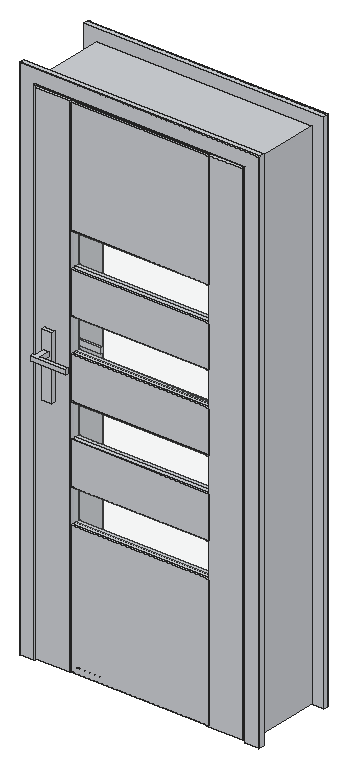
Revit family "porta_koncept_H4_bp", category Drzwi, Revit 2016
Family settings
  Obiekt nadrzędny = Ściana
  Zawsze pionowo = Tak
  Tnij formami wycięć po wczytaniu = Nie
  Współdzielony = Nie
  Punkt obliczania pomieszczeń = Nie
Parameters (values of type "PN 80")
  Wysokość brutto = 2060 mm
  Szerokość brutto = 880 mm
  Model = "Koncept"
  Konstrukcja analityczna = "<Brak>"
  Funkcja = Wewnętrzna
  URL = "www.porta.com.pl"
  Ss = 818 mm
  Sb = 846 mm
  Producent = "PORTA KMI POLAND"
  Keynote = ""
  Description = ""
  Wysokość = 2016 mm
  Zakończenie ściany = Wg obiektu nadrzędnego
  Szerokość = 800 mm
  Materiał_skrzydło [instance] = none
  Materiał_ościeżnica [instance] = none
  Materiał_klamka [instance] = none
  Informacja = "Własność Porta KMI Poland, wszelkie prawa zastrzeżone."  # constant formula
  Hs = 2017 mm
Types (6, lengths in mm): name | Szerokość brutto | Model | Ss | Sb | Description | Szerokość
  PN 70 | 780 | 0 | 718 | 746 | "Biblioteki CAD produktów firmy PORTA KMI POLAND wraz z ich wizualizacjami są chronione prawami własności przemysłowej i intelektualnej. Można je wykorzystywać do handlowych celów osobistych poprzez zastosowanie w projektach, jednak nie wolno ich powielać, modyfikować, licencjonować ani publikować, w całości ani w części, chyba że celem przeglądania, bez uprzedniej pisemnej zgody PORTA KMI Poland. www.porta.com.pl" | 700
  PN 60 | 680 | 0 | 618 | 646 | "Biblioteki CAD produktów firmy PORTA KMI POLAND wraz z ich wizualizacjami są chronione prawami własności przemysłowej i intelektualnej. Można je wykorzystywać do handlowych celów osobistych poprzez zastosowanie w projektach, jednak nie wolno ich powielać, modyfikować, licencjonować ani publikować, w całości ani w części, chyba że celem przeglądania, bez uprzedniej pisemnej zgody PORTA KMI Poland. www.porta.com.pl" | 600
  PN 80 | 880 | "Koncept" | 818 | 846 | "" | 800
  PN 90 | 980 | 0 | 918 | 946 | "Biblioteki CAD produktów firmy PORTA KMI POLAND wraz z ich wizualizacjami są chronione prawami własności przemysłowej i intelektualnej. Można je wykorzystywać do handlowych celów osobistych poprzez zastosowanie w projektach, jednak nie wolno ich powielać, modyfikować, licencjonować ani publikować, w całości ani w części, chyba że celem przeglądania, bez uprzedniej pisemnej zgody PORTA KMI Poland. www.porta.com.pl" | 900
  PN 100 | 1080 | 0 | 1018 | 1046 | "Biblioteki CAD produktów firmy PORTA KMI POLAND wraz z ich wizualizacjami są chronione prawami własności przemysłowej i intelektualnej. Można je wykorzystywać do handlowych celów osobistych poprzez zastosowanie w projektach, jednak nie wolno ich powielać, modyfikować, licencjonować ani publikować, w całości ani w części, chyba że celem przeglądania, bez uprzedniej pisemnej zgody PORTA KMI Poland. www.porta.com.pl" | 1000
  PN 110 | 1180 | 0 | 1118 | 1146 | "Biblioteki CAD produktów firmy PORTA KMI POLAND wraz z ich wizualizacjami są chronione prawami własności przemysłowej i intelektualnej. Można je wykorzystywać do handlowych celów osobistych poprzez zastosowanie w projektach, jednak nie wolno ich powielać, modyfikować, licencjonować ani publikować, w całości ani w części, chyba że celem przeglądania, bez uprzedniej pisemnej zgody PORTA KMI Poland. www.porta.com.pl" | 1100
Reference planes
  plane 1: y = 0
  plane 2 "Środek (Lewa/Prawa)": x = 0
  plane 3 "Lewy": x = -440
  plane 4 "Prawy": x = 440
  plane 5: z = 2060
  plane 6 "Zewnętrzna": y = 150
  plane 7 "Wewnętrzna": y = -150
  plane 8 "skrzydło": y = -129
Forms (mm)
  Sweep 1, solid, material <- "Materiał_ościeżnica"
    path in 3D
      loop
        line (-440, -150, 0) -> (-440, -150, 2060) -> (440, -150, 2060) -> (440, -150, 0)
    profile origin (-440, -150, 1030) x (0, -1, 0) y (1, 0, 0)
      loop
        line (-24, 39) -> (-72, 39) -> (-72, 17) -> (0, 17) -> (0, -33) -> (16, -33)
        arc (16, -33) -> (18.121, -32.121) -> (19, -30) r 3
        line (19, -30) -> (19, 24)
        arc (19, 24) -> (18.121, 26.121) -> (16, 27) r 3
        line (16, 27) -> (-24, 27) -> (-24, 39)
  Sweep 2, solid, material <- "Materiał_ościeżnica"
    path in 3D
      loop
        line (440, 150, 0) -> (440, 150, 2060) -> (-440, 150, 2060) -> (-440, 150, 0)
    profile origin (-440, 150, 1030) x (1, 0, 0) y (0, 1, 0)
      loop
        line (-33, 0) -> (17, 0) -> (17, -228) -> (39, -228) -> (39, -1)
        arc (39, -1) -> (37.536, 2.536) -> (34, 4) r 5
        line (34, 4) -> (25, 4) -> (25, 16)
        arc (25, 16) -> (24.121, 18.121) -> (22, 19) r 3
        line (22, 19) -> (-30, 19)
        arc (-30, 19) -> (-32.121, 18.121) -> (-33, 16) r 3
        line (-33, 16) -> (-33, 0)
  Sweep 3, solid, not visible
    path in 3D
      loop
        line (-440, -150, 0) -> (-440, -150, 2060)
    profile origin (-440, -150, 1030) x (0, -1, 0) y (1, 0, 0)
      loop
        line (-151, 17) -> (-149, 17) -> (-149, 19) -> (-151, 19) -> (-151, 17)
Cuts and joins
  joined: Sweep 1, Sweep 2
Lines and regions (mm)
  Opening 1
    outline origin (-3050, -150, 0) x (1, 0, 0) y (0, 0, 1)
      loop
        line (2610, 0) -> (3490, 0) -> (3490, 2060) -> (2610, 2060) -> (2610, 0)
  sketch lines
    curve 1: line (-440, -150, 0) -> (-440, -150, 2060)
    curve 2: line (-440, -150, 2060) -> (440, -150, 2060)
    curve 3: line (440, -150, 2060) -> (440, -150, 0)
    curve 4: line (-440, 150, 2060) -> (-440, 150, 0)
    curve 5: line (440, 150, 2060) -> (-440, 150, 2060)
    curve 6: line (440, 150, 0) -> (440, 150, 2060)
    curve 12: line (-440, -150, 0) -> (-440, -150, 2060)
  symbolic lines, style "DoorsPanelProjection"
    curve 7: line (409, -150, 0) -> (409, -968, 0)
    curve 8: line (409, -968, 0) -> (369, -968, 0)
    curve 9: line (369, -968, 0) -> (369, -150, 0)
    curve 10: line (369, -150, 0) -> (409, -150, 0)
  symbolic lines, style "Ugięcie rzutu"
    curve 11: arc (-409, -150, 0) -> (-169.413, -728.413, 0) -> (409, -968, 0) r 818
Text (mm)
  text "Zewnętrzna" at (-2295.016, 1099.543, 0), in view "Poziom odniesienia"
  text "Zewnętrzna" at (0, 1615.38, 3698.081), in view "Lewy"
  text "Zewnętrzna" at (0, 1036.032, 3874.932), in view "Prawy"
Dimensions and locks
  equal spacing: plane 3 "Lewy", plane 2 "Środek (Lewa/Prawa)", plane 4 "Prawy"
  "Szerokość brutto": plane 3 "Lewy" to plane 4 "Prawy"
  "Wysokość brutto": plane 5 to host wall
  host wall to plane 5 = 2060 mm  (x2)
  locked: plane 6 "Zewnętrzna" to host wall at 0
  locked: plane 7 "Wewnętrzna" to host wall
  "Sb": Sweep 1 to Sweep 1
  locked: Sweep 1 sketch curve to Sweep 1 sketch curve at 22
  Sweep 1 sketch curve to Sweep 1 sketch curve = 50 mm
  locked: Sweep 1 sketch curve to profile plane at 72
  locked: Sweep 2 sketch curve to Sweep 2 sketch curve at 50
  locked: Sweep 2 sketch curve to Sweep 2 sketch curve at 22
  locked: Sweep 2 sketch curve to plane 6 "Zewnętrzna" at 1
  locked: curve 9 to curve 7 at 40
  "Ss": curve 8 to curve 10
  equal spacing: curve 11, plane 2 "Środek (Lewa/Prawa)", curve 7
  locked: plane 7 "Wewnętrzna" to plane 8 "skrzydło" at 21
  locked: host wall to Sweep 3 sketch curve at 1
  locked: Sweep 3 sketch curve to host wall at 1
  locked: Sweep 3 sketch curve to plane 6 "Zewnętrzna" at 151
  locked: plane 7 "Wewnętrzna" to Sweep 3 sketch curve at 151
  equal spacing: nested 1, plane 2 "Środek (Lewa/Prawa)", nested 1
  locked: nested 1 to level at 8
  aligned and locked: plane 3 "Lewy" to Opening 1 sketch curve
  aligned and locked: plane 5 to Opening 1 sketch curve  (x2)
  aligned and locked: Opening 1 sketch curve to plane 4 "Prawy"
  aligned and locked: Opening 1 sketch curve to level
  aligned and locked: plane 1 to host wall
  aligned and locked: Sweep 1 to Sweep 2 sketch curve
  aligned and locked: plane 7 "Wewnętrzna" to curve 10
  aligned and locked: Sweep 3 sketch curve to cut or joined group of Sweep 1, Sweep 2
  aligned and locked: Sweep 2 sketch curve to cut or joined group of Sweep 1, Sweep 2
  aligned and locked: nested 1 to plane 8 "skrzydło"
Automatic sketch dimensions
  profile plane to Sweep 1 sketch curve = 24 mm
  Sweep 1 sketch curve to profile plane = 16 mm  (x2)
  Sweep 1 sketch curve to Sweep 1 sketch curve = 3 mm
  profile plane to Sweep 1 sketch curve = 17 mm
  Sweep 1 sketch curve to Sweep 1 sketch curve = 7 mm
  Sweep 1 sketch curve to profile plane = 0 mm
  Sweep 2 sketch curve to profile plane = 0 mm
  Sweep 2 sketch curve to profile plane = 16 mm
  Sweep 2 sketch curve to Sweep 2 sketch curve = 3 mm
  Sweep 2 sketch curve to Sweep 2 sketch curve = 5 mm
  Sweep 2 sketch curve to profile plane = 4 mm
  Sweep 2 sketch curve to Sweep 2 sketch curve = 8 mm
  curve 11 to host wall = 0 mm
  Sweep 3 sketch curve to Sweep 3 sketch curve = 2 mm
Nested families
  nested 1: "skrzydło" at (0, -135.5, 0), Materiał_klamka <- "Materiał_klamka", Materiał_skrzydło <- "Materiał_skrzydło", type "skrzydło"
    with Materiał_skrzydło none, Materiał_klamka none
Definition of nested family "skrzydło"
  Parameters
    Ss = 818 mm
    Materiał_skrzydło [instance] = none
    Materiał_klamka [instance] = none
    Hs = 2017 mm
  Reference planes
    plane 1 "Tył": y = 6.5
    plane 2: z = 0
    plane 3 "Środek (Lewa/Prawa)": x = 0
    plane 4 "Lewa": x = -409
    plane 5 "Prawa": x = 409
    plane 6 "Przód": y = -33.5
    plane 7: z = 2025
    plane 8 "Centrum": y = -13.5
    plane 9: z = 8
    plane 10: x = -272
    plane 11: x = 272
  Forms (mm)
    Extrusion 1, solid, material <- "Materiał_skrzydło"
      sketch origin (-1191.728, -1524, 8) x (-1, 0, 0) y (0, -1, 0)
        loop
          line (-1465.378, -1490.5) -> (-1599.078, -1490.5)
          arc (-1599.078, -1490.5) -> (-1600.244, -1490.983) -> (-1600.728, -1492.15) r 1.65
          line (-1600.728, -1492.15) -> (-1600.728, -1528.8)
          arc (-1600.728, -1528.8) -> (-1600.23, -1530.002) -> (-1599.028, -1530.5) r 1.7
          line (-1599.028, -1530.5) -> (-1465.378, -1530.5)
          arc (-1465.378, -1530.5) -> (-1464.211, -1530.017) -> (-1463.728, -1528.85) r 1.65
          line (-1463.728, -1528.85) -> (-1463.728, -1492.15)
          arc (-1463.728, -1492.15) -> (-1464.211, -1490.983) -> (-1465.378, -1490.5) r 1.65
      from 0 to 2017
    Extrusion 2, solid, material <- "Materiał_skrzydło"
      sketch origin (0, 0, 0) x (0, 1, 0) y (0, 0, 1)
        loop
          line (4, 1568.15) -> (4, 2023.3)
          arc (4, 2023.3) -> (3.502, 2024.502) -> (2.3, 2025) r 1.7
          line (2.3, 2025) -> (-29.35, 2025)
          arc (-29.35, 2025) -> (-30.517, 2024.517) -> (-31, 2023.35) r 1.65
          line (-31, 2023.35) -> (-31, 1568.15)
          arc (-31, 1568.15) -> (-30.517, 1566.983) -> (-29.35, 1566.5) r 1.65
          line (-29.35, 1566.5) -> (2.35, 1566.5)
          arc (2.35, 1566.5) -> (3.517, 1566.983) -> (4, 1568.15) r 1.65
        loop
          line (2.35, 529.5) -> (-29.35, 529.5)
          arc (-29.35, 529.5) -> (-30.517, 529.017) -> (-31, 527.85) r 1.65
          line (-31, 527.85) -> (-31, 9.65)
          arc (-31, 9.65) -> (-30.517, 8.483) -> (-29.35, 8) r 1.65
          line (-29.35, 8) -> (-25, 8)
          arc (-25, 8) -> (-23.833, 8.483) -> (-23.35, 9.65) r 1.65
          arc (-23.35, 9.65) -> (-22.955, 10.605) -> (-22, 11) r 1.35
          line (-22, 11) -> (-5, 11)
          arc (-5, 11) -> (-4.045, 10.605) -> (-3.65, 9.65) r 1.35
          arc (-3.65, 9.65) -> (-3.167, 8.483) -> (-2, 8) r 1.65
          line (-2, 8) -> (2.35, 8)
          arc (2.35, 8) -> (3.517, 8.483) -> (4, 9.65) r 1.65
          line (4, 9.65) -> (4, 527.85)
          arc (4, 527.85) -> (3.517, 529.017) -> (2.35, 529.5) r 1.65
        loop
          line (2.35, 831.25) -> (-29.35, 831.25)
          arc (-29.35, 831.25) -> (-30.517, 830.767) -> (-31, 829.6) r 1.65
          line (-31, 829.6) -> (-31, 662.9)
          arc (-31, 662.9) -> (-30.517, 661.733) -> (-29.35, 661.25) r 1.65
          line (-29.35, 661.25) -> (2.35, 661.25)
          arc (2.35, 661.25) -> (3.517, 661.733) -> (4, 662.9) r 1.65
          line (4, 662.9) -> (4, 829.6)
          arc (4, 829.6) -> (3.517, 830.767) -> (2.35, 831.25) r 1.65
        loop
          line (2.35, 1133) -> (-29.35, 1133)
          arc (-29.35, 1133) -> (-30.517, 1132.517) -> (-31, 1131.35) r 1.65
          line (-31, 1131.35) -> (-31, 964.65)
          arc (-31, 964.65) -> (-30.517, 963.483) -> (-29.35, 963) r 1.65
          line (-29.35, 963) -> (2.35, 963)
          arc (2.35, 963) -> (3.517, 963.483) -> (4, 964.65) r 1.65
          line (4, 964.65) -> (4, 1131.35)
          arc (4, 1131.35) -> (3.517, 1132.517) -> (2.35, 1133) r 1.65
        loop
          line (2.35, 1434.75) -> (-29.35, 1434.75)
          arc (-29.35, 1434.75) -> (-30.517, 1434.267) -> (-31, 1433.1) r 1.65
          line (-31, 1433.1) -> (-31, 1266.4)
          arc (-31, 1266.4) -> (-30.517, 1265.233) -> (-29.35, 1264.75) r 1.65
          line (-29.35, 1264.75) -> (2.35, 1264.75)
          arc (2.35, 1264.75) -> (3.517, 1265.233) -> (4, 1266.4) r 1.65
          line (4, 1266.4) -> (4, 1433.1)
          arc (4, 1433.1) -> (3.517, 1434.267) -> (2.35, 1434.75) r 1.65
      from -272 to 272
    Extrusion 3, solid
      sketch origin (-892.016, -13.5, 1213) x (-1, 0, 0) y (0, 0, 1)
        loop
          line (-620.016, 353.5) -> (-1164.016, 353.5) -> (-1164.016, 221.75) -> (-620.016, 221.75) -> (-620.016, 353.5)
      from -2 to 2
    Extrusion 4, solid
      sketch origin (-892.016, -13.5, 1213) x (-1, 0, 0) y (0, 0, 1)
        loop
          line (-620.016, -80) -> (-620.016, 51.75) -> (-1164.016, 51.75) -> (-1164.016, -80) -> (-620.016, -80)
      from -2 to 2
    Extrusion 5, solid
      sketch origin (-892.016, -13.5, 1200) x (-1, 0, 0) y (0, 0, 1)
        loop
          line (-620.016, -237) -> (-1164.016, -237) -> (-1164.016, -368.75) -> (-620.016, -368.75) -> (-620.016, -237)
      from -2 to 2
    Extrusion 6, solid
      sketch origin (-892.016, -13.5, 1200) x (-1, 0, 0) y (0, 0, 1)
        loop
          line (-620.016, -538.75) -> (-1164.016, -538.75) -> (-1164.016, -670.5) -> (-620.016, -670.5) -> (-620.016, -538.75)
      from -2 to 2
    Extrusion 7, solid, material <- "Materiał_skrzydło"
      sketch origin (-1191.728, -1524, 8) x (-1, 0, 0) y (0, -1, 0)
        loop
          arc (-918.078, -1490.5) -> (-919.244, -1490.983) -> (-919.728, -1492.15) r 1.65
          line (-919.728, -1492.15) -> (-919.728, -1528.85)
          arc (-919.728, -1528.85) -> (-919.244, -1530.017) -> (-918.078, -1530.5) r 1.65
          line (-918.078, -1530.5) -> (-784.428, -1530.5)
          arc (-784.428, -1530.5) -> (-783.225, -1530.002) -> (-782.728, -1528.8) r 1.7
          line (-782.728, -1528.8) -> (-782.728, -1492.15)
          arc (-782.728, -1492.15) -> (-783.211, -1490.983) -> (-784.378, -1490.5) r 1.65
          line (-784.378, -1490.5) -> (-918.078, -1490.5)
      from 0 to 2017
  Dimensions and locks
    equal spacing: plane 4 "Lewa", plane 3 "Środek (Lewa/Prawa)", plane 5 "Prawa"
    "Ss": plane 4 "Lewa" to plane 5 "Prawa"
    locked: plane 9 to level at 8
    "Hs": plane 7 to plane 9
    locked: nested 1 to plane 9 at 934
    locked: plane 9 to nested 2 at 934
    equal spacing: plane 6 "Przód", plane 8 "Centrum", plane 1 "Tył"
    locked: plane 10 to plane 4 "Lewa" at 137
    locked: plane 5 "Prawa" to plane 11 at 137
    aligned and locked: nested 1 to plane 6 "Przód"
    aligned and locked: plane 5 "Prawa" to Extrusion 1 sketch curve
    aligned and locked: Extrusion 1 sketch curve to plane 1 "Tył"
    aligned and locked: Extrusion 1 sketch curve to plane 6 "Przód"
    aligned and locked: Extrusion 1 sketch curve to plane 11
    aligned and locked: plane 7 to Extrusion 1
    aligned and locked: Extrusion 2 to plane 10
    aligned and locked: plane 11 to Extrusion 2
    aligned and locked: plane 10 to Extrusion 3 sketch curve
    aligned and locked: plane 11 to Extrusion 3 sketch curve
    aligned and locked: Extrusion 2 to Extrusion 4 sketch curve  (x2)
    aligned and locked: plane 10 to Extrusion 5 sketch curve
    aligned and locked: plane 11 to Extrusion 5 sketch curve
    aligned and locked: plane 10 to Extrusion 6 sketch curve
    aligned and locked: plane 11 to Extrusion 6 sketch curve
    aligned and locked: plane 4 "Lewa" to Extrusion 7 sketch curve
    aligned and locked: Extrusion 7 sketch curve to plane 10
    aligned and locked: plane 7 to Extrusion 7
    aligned and locked: nested 2 to nested 1
  Automatic sketch dimensions
    Extrusion 3 sketch curve to Extrusion 3 sketch curve = 131.75 mm
    Extrusion 3 sketch curve to plane 7 = 458.5 mm
    Extrusion 4 sketch curve to plane 7 = 760.25 mm
    Extrusion 4 sketch curve to Extrusion 4 sketch curve = 131.75 mm
    plane 9 to Extrusion 5 sketch curve = 823.25 mm
    Extrusion 5 sketch curve to Extrusion 5 sketch curve = 131.75 mm
    plane 9 to Extrusion 6 sketch curve = 521.5 mm
    Extrusion 6 sketch curve to Extrusion 6 sketch curve = 131.75 mm
    Extrusion 7 sketch curve to plane 6 "Przód" = 0 mm
    plane 1 "Tył" to Extrusion 7 sketch curve = 0 mm
    Extrusion 7 sketch curve to plane 10 = 1.65 mm
    plane 1 "Tył" to Extrusion 7 sketch curve = 1.65 mm
    plane 4 "Lewa" to Extrusion 7 sketch curve = 1.7 mm
    plane 4 "Lewa" to Extrusion 7 sketch curve = 1.65 mm
    Extrusion 1 sketch curve to Extrusion 1 sketch curve = 1.65 mm
    Extrusion 1 sketch curve to plane 5 "Prawa" = 1.7 mm
    plane 11 to Extrusion 1 sketch curve = 1.65 mm  (x2)
    Extrusion 2 sketch curve to plane 9 = 0 mm  (x2)
    Extrusion 2 sketch curve to plane 7 = 0 mm
    plane 6 "Przód" to Extrusion 2 sketch curve = 2.5 mm  (x5)
    Extrusion 2 sketch curve to Extrusion 2 sketch curve = 1.65 mm  (x15)
    Extrusion 2 sketch curve to Extrusion 2 sketch curve = 4.35 mm
    Extrusion 2 sketch curve to Extrusion 2 sketch curve = 0 mm  (x2)
    Extrusion 2 sketch curve to Extrusion 2 sketch curve = 1.35 mm
    plane 9 to Extrusion 2 sketch curve = 1.65 mm
    plane 8 "Centrum" to Extrusion 2 sketch curve = 8.5 mm
    Extrusion 2 sketch curve to plane 7 = 1.7 mm
    plane 1 "Tył" to Extrusion 2 sketch curve = 4.2 mm
    plane 1 "Tył" to Extrusion 2 sketch curve = 4.15 mm  (x9)
    Extrusion 2 sketch curve to Extrusion 2 sketch curve = 516.85 mm
    Extrusion 2 sketch curve to Extrusion 2 sketch curve = 131.75 mm  (x4)
    Extrusion 2 sketch curve to Extrusion 2 sketch curve = 166.7 mm  (x3)
  Nested families
    nested 1: "KLAMKA" at (-354, -33.5, 1067), Materiał klamki <- "Materiał_klamka", type "KLAMKA"
      with Materiał klamki none
    nested 2: "KLAMKA" at (-354, 6.5, 1067), Materiał klamki <- "Materiał_klamka", type "KLAMKA"
      with Materiał klamki none
  Definition of nested family "KLAMKA"
    Parameters
      Materiał klamki [instance] = none
      Assembly Code = ""
      Default Elevation = 1219.2 mm
    Reference planes
      plane 1 "Center (Front/Back)": y = 0
      plane 2: z = 0
      plane 3 "Center (Left/Right)": x = 0
      plane 4: z = 125
      plane 5: z = -125
      plane 6: x = 20
      plane 7: x = -20
      plane 8: y = -70
      plane 9: y = -60
      plane 10: x = 10
      plane 11: x = -10
      plane 12: x = 120
      plane 13: z = 35
      plane 14: z = 55
      plane 15: y = -15
    Forms (mm)
      Extrusion 1, solid, material <- "Materiał klamki"
        sketch origin (0, 0, 0) x (1, 0, 0) y (0, 0, 1)
          loop
            line (-20, 125) -> (-20, -125) -> (20, -125) -> (20, 125) -> (-20, 125)
        from 0 to 15
      Extrusion 2, solid, material <- "Materiał klamki"
        sketch origin (0, 0, 0) x (1, 0, 0) y (0, 1, 0)
          loop
            line (-10, -15) -> (-10, -60) -> (-20, -60) -> (-20, -70) -> (120, -70) -> (120, -60) -> (10, -60) -> (10, -15) -> (-10, -15)
        from 35 to 55
    Dimensions and locks
      equal spacing: plane 4, plane 2, plane 5
      plane 4 to plane 5 = 250 mm
      equal spacing: plane 7, plane 3 "Center (Left/Right)", plane 6
      plane 7 to plane 6 = 40 mm
      plane 8 to plane 1 "Center (Front/Back)" = 70 mm
      plane 11 to plane 3 "Center (Left/Right)" to plane 10 = 10 mm locked, 10 mm locked
      plane 7 to plane 12 = 140 mm
      plane 15 to plane 1 "Center (Front/Back)" = 15 mm
      aligned and locked: plane 7 to Extrusion 1 sketch curve
      aligned and locked: Extrusion 1 sketch curve to plane 4
      aligned and locked: plane 5 to Extrusion 1 sketch curve
      aligned and locked: Extrusion 1 sketch curve to plane 6
      aligned and locked: plane 15 to Extrusion 1
      aligned and locked: Extrusion 1 to plane 1 "Center (Front/Back)"
      aligned and locked: plane 14 to Extrusion 2
      aligned and locked: Extrusion 2 to plane 13
    Automatic sketch dimensions
      Extrusion 2 sketch curve to plane 7 = 0 mm
      Extrusion 2 sketch curve to plane 9 = 0 mm  (x2)
      Extrusion 2 sketch curve to plane 11 = 0 mm
      Extrusion 2 sketch curve to plane 10 = 0 mm
      Extrusion 2 sketch curve to plane 12 = 0 mm
      Extrusion 2 sketch curve to plane 8 = 0 mm
      Extrusion 2 sketch curve to plane 15 = 0 mm
